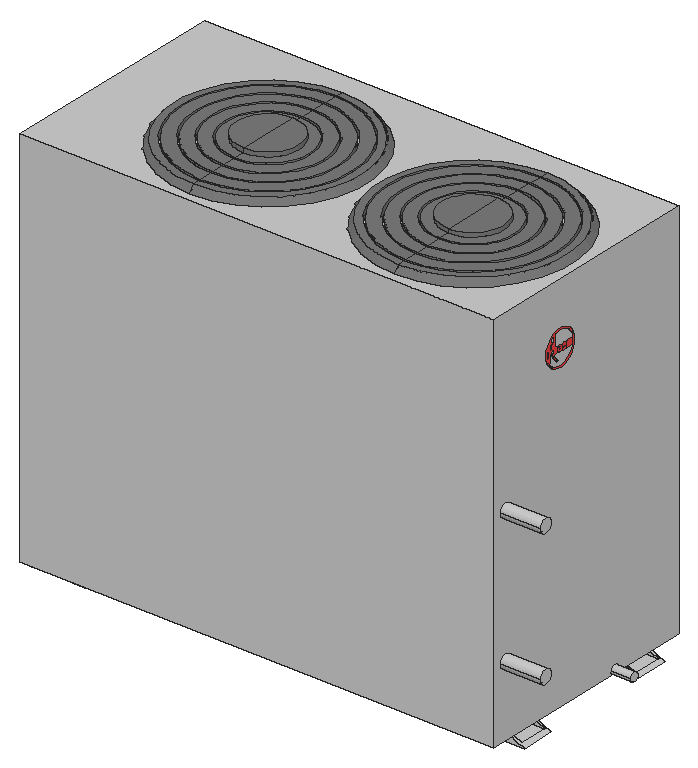
Revit family "Heat-Pump-Rheem-A2W-18kW-Vertical", category Mechanical Equipment, Revit 2023
Family settings
  Round Connector Dimension = Use Radius
  Part Type = Normal
  OmniClass Number = 23.75.10.21
  OmniClass Title = Heat Pumps
  Work Plane-Based = No
  Always vertical = Yes
  Cut with Voids When Loaded = No
  Maintain Annotation Orientation = No
  Shared = No
  Room Calculation Point = No
Parameters (values of type "95301800")
  calcRightFanOffset = if(Show Fan Frame, 256 mm, 255 mm)  # 255 mm
  calcLeftFanOffset = if(Show Fan Frame, 280 mm, 281 mm)  # 281 mm
  calcFanGuardDepth = if(Show Fan Frame, 117 mm, 27 mm)  # 27 mm
  Width_ANZRS = 565 mm  # constant formula
  Wattage_ANZRS = 18 kW  # constant formula
  Voltage_ANZRS = 230 V
  URL = "https://www.rheem.com.au/products/commercial/commercial-heat-pumps"
  Type Comments = ""
  SupportInsetSide = 68 mm  # constant formula
  Show Fan Frame = no
  ProductCode_ANZRS = "95301800"
  PowerFactor_ANZRS = 1
  PipeInsetSide = 35 mm  # constant formula
  OutletPipeDiameter = 32 mm  # constant formula
  calcOutletPipeRad = if(1 = 1, OutletPipeDiameter / 2, 0 mm)  # 16 mm
  Model = "Rheem Commercial Air to Water Heat Pump – 18kW Vertical Discharge & Non Ducted"
  Material_ANZRS = Rheem-Steel-Grey
  Manufacturer = "Rheem"  # constant formula
  Length_ANZRS = 1155 mm  # constant formula
  InletPipeDiameter = 32 mm  # constant formula
  calcInletPipeRadius = if(1 = 1, InletPipeDiameter / 2, 0 mm)  # 16 mm
  Height_ANZRS = if(Show Fan Frame, 1102 mm, 1011 mm)  # 1011 mm
  Description = "Rheem's Commercial Air to Water (A2W) Heat Pump is designed with the commercial user in mind. A truly commercial grade heat pump that delivers hot water at 65°C with a system Coefficient of Performance (COP) up to 4.0. Non ducted models are generally designed for outdoor installations. Non ducted models may be installed indoors, without ducting, if a sufficient supply of heat energy is available."
  Default Elevation = 0 mm
  CreatedBy_ANZRS = "Design Content"  # constant formula
  CreatedByURL_ANZRS = "https://www.designcontent.com.au/"
  Assembly Code = ""
  ApparentLoad_ANZRS = Wattage_ANZRS  # 18 kW
Types (2, lengths in mm): name | calcRightFanOffset | calcLeftFanOffset | calcFanGuardDepth | Show Fan Frame | ProductCode_ANZRS | Model | Height_ANZRS | Description
  95301800 | 255 | 281 | 27 | no | "95301800" | "Rheem Commercial Air to Water Heat Pump – 18kW Vertical Discharge & Non Ducted" | 1011 | "Rheem's Commercial Air to Water (A2W) Heat Pump is designed with the commercial user in mind. A truly commercial grade heat pump that delivers hot water at 65°C with a system Coefficient of Performance (COP) up to 4.0. Non ducted models are generally designed for outdoor installations. Non ducted models may be installed indoors, without ducting, if a sufficient supply of heat energy is available."
  95201800 | 256 | 280 | 117 | yes | "95201800" | "Rheem Commercial Air to Water Heat Pump – 18kW Vertical Discharge & Ducted" | 1102 | "Rheem's Commercial Air to Water (A2W) Heat Pump is designed with the commercial user in mind. A truly commercial grade heat pump that delivers hot water at 65°C with a system Coefficient of Performance (COP) up to 4.0. Ducted models are designed to be connected to ducting to convey cold discharge air away from the heat pump air inlet if a sufficient supply of heat energy is not available in the installation area."
Reference planes
  plane 1 "Center (Front/Back)": y = 0
  plane 2: z = 0
  plane 3 "Center (Left/Right)": x = 0
  plane 4 "Back": y = 282.5
  plane 5 "Front": y = -282.5
  plane 6 "Left": x = -577.5
  plane 7 "Right": x = 577.5
  plane 8: z = 49
  plane 9 "HEIGHT": z = 984
  plane 10 "Inlet": z = 223.5
  plane 11 "Outlet": z = 553.5
  plane 12: y = 280.5
  plane 13: x = 524.5
  plane 14: x = -472.5
  plane 15: x = 677.5
  plane 16 "Pipe Connectors": y = -247.5
  plane 17: x = -434.5
  plane 18: y = -214.5
  plane 19: y = 214.5
  plane 20 "CompAccess1": y = 143.5
  plane 21 "CompAccess2": y = -228.5
  plane 22: z = 24.5
  plane 23: x = 627.5
  plane 24: x = 598.5
  plane 25: z = 1078
Forms (mm)
  Extrusion 1, solid, material "Rheem-Steel-Grey" <- "Material_ANZRS", detail levels medium+fine
    sketch origin (0, 0, 0) x (1, 0, 0) y (0, 1, 0)
      loop
        line (-577.5, 280.5) -> (-577.5, -282.5) -> (577.5, -282.5) -> (577.5, 280.5) -> (-577.5, 280.5)
    from 49 to 984
  Extrusion 2, solid, material "Rheem-Steel-Grey" <- "Material_ANZRS", detail levels medium+fine
    sketch origin (0, 0, 0) x (1, 0, 0) y (0, 0, 1)
      loop
        line (-577.5, 984) -> (-577.5, 49) -> (-14.281, 49) -> (577.5, 49) -> (577.5, 984) -> (-577.5, 984)
      loop
        line (-472.5, 69) -> (6, 69) -> (6, 964) -> (-472.5, 964) -> (-472.5, 69)
      loop
        line (524.5, 964) -> (46, 964) -> (46, 69) -> (524.5, 69) -> (524.5, 964)
    from -282.5 to -280.5
  Extrusion 3, solid, material "Rheem-Steel-Grey" <- "Material_ANZRS"
    sketch origin (0, 111.908, 381.979) x (0, -1, 0) y (0, 0, 1)
      loop
        circle (359.408, -158.479) r 16
      loop
        circle (359.408, 171.521) r 16
    from -577.5 to -677.5
  Extrusion 4, solid, material "Rheem-Steel-Grey" <- "Material_ANZRS", visible <- "Show Fan Frame"
    sketch origin (0, -623.5, 984) x (-1, 0, 0) y (0, -1, 0)
      loop
        line (434.5, -862) -> (434.5, -341) -> (-577.5, -341) -> (-577.5, -862) -> (434.5, -862)
      loop
        line (429.5, -857) -> (429.5, -346) -> (-572.5, -346) -> (-572.5, -857) -> (429.5, -857)
    from 0 to 94
  Extrusion 5, solid, material "Rheem-Steel-Grey" <- "Material_ANZRS", detail levels medium+fine
    sketch origin (0, 0, 0) x (1, 0, 0) y (0, 0, 1)
      loop
        line (-577.5, 5) -> (-602.5, 5) -> (-602.5, 0) -> (-572.5, 0) -> (-572.5, 19.5) -> (-502.5, 19.5) -> (-502.5, 0) -> (-472.5, 0) -> (-472.5, 5) -> (-497.5, 5) -> (-497.5, 24.5) -> (-577.5, 24.5) -> (-577.5, 5)
    from -214.5 to 214.5
  Extrusion 6, solid, material "Rheem-Steel-Grey-Perforated", detail levels medium+fine
    sketch origin (-575, 357.5, 0) x (1, 0, 0) y (0, 0, -1)
      loop
        line (1099.5, -964) -> (1099.5, -69) -> (621, -69) -> (621, -964) -> (1099.5, -964)
      loop
        line (102.5, -69) -> (102.5, -964) -> (581, -964) -> (581, -69) -> (102.5, -69)
    from -77 to -75
  Extrusion 7, solid, material "Rheem-Steel-Grey" <- "Material_ANZRS"
    sketch origin (577.5, 0, 0) x (0, -1, 0) y (0, 0, -1)
      loop
        circle (-84.5, -59) r 10
    from 0 to 50
  Extrusion 8, solid, detail levels medium+fine
    sketch origin (-577.5, 0, 0) x (0, -1, 0) y (0, 0, 1)
      loop
        circle (255.5, 703.5) r 15
      loop
        circle (255.5, 653.5) r 15
      loop
        circle (255.5, 603.5) r 15
      loop
        circle (255.5, 553.5) r 15
    from 0 to 5
  Extrusion 9, solid, material "Rheem-Steel-Grey" <- "Material_ANZRS", detail levels coarse
    sketch origin (0, 0, 984) x (-1, 0, 0) y (0, -1, 0)
      loop
        line (577.5, -282.5) -> (577.5, 282.5) -> (-577.5, 282.5) -> (-577.5, -282.5) -> (577.5, -282.5)
    from -984 to 0
  Extrusion 10, solid, material "Rheem-Steel-Grey" <- "Material_ANZRS", detail levels medium+fine
    sketch origin (0, 0, 0) x (0, 1, 0) y (0, 0, 1)
      loop
        line (239.5, 49) -> (209.5, 49) -> (209.5, 29.5) -> (139.481, 29.5) -> (139.481, 49) -> (109.395, 49) -> (109.395, 44) -> (134.395, 44) -> (134.395, 24.5) -> (214.5, 24.5) -> (214.5, 44) -> (239.5, 44) -> (239.5, 49)
      loop
        line (-109.395, 49) -> (-139.395, 49) -> (-139.395, 29.5) -> (-209.414, 29.5) -> (-209.414, 49) -> (-239.5, 49) -> (-239.5, 44) -> (-214.5, 44) -> (-214.5, 24.5) -> (-134.395, 24.5) -> (-134.395, 44) -> (-109.395, 44) -> (-109.395, 49)
    from -577.5 to 598.5
  Extrusion 11, void
    sketch origin (0, 0, 0) x (1, 0, 0) y (0, 0, 1)
      loop
        line (-577.5, 24.5) -> (-524.96, 49) -> (-577.5, 49) -> (-577.5, 24.5)
      loop
        line (598.5, 24.5) -> (598.5, 49) -> (545.96, 49) -> (598.5, 24.5)
    from -239.5 to 239.5
Cuts and joins
  Extrusion 11 cuts Extrusion 1
  Extrusion 11 cuts Extrusion 2
  joined: Extrusion 1, Extrusion 2
  Extrusion 11 cuts Extrusion 10
Lines and regions (mm)
  Split face 1
    outline origin (-577.5, 280.5, 984) x (0, 1, 0) y (0, 0, -1)
      loop
        line (-137, 1) -> (-137, 934) -> (-509, 934) -> (-509, 1) -> (-137, 1)
  Split face 2
    outline origin (577.5, 280.5, 49) x (0, 1, 0) y (0, 0, 1)
      loop
        line (-497, 934) -> (-497, 1) -> (-225, 1) -> (-225, 934) -> (-497, 934)
  model lines, style "Heat Pumps", detail levels medium+fine
    curve 1: line (-340, -282.5, 849) -> (340, -282.5, 849)
    curve 2: line (-340, -282.5, 599) -> (340, -282.5, 599)
    curve 3: line (-340, -282.5, 184) -> (340, -282.5, 184)
    curve 4: line (-340, -282.5, 434) -> (340, -282.5, 434)
    curve 5: line (-420, -282.5, 769) -> (-420, -282.5, 679)
    curve 6: line (420, -282.5, 769) -> (420, -282.5, 679)
    curve 7: line (-420, -282.5, 354) -> (-420, -282.5, 264)
    curve 8: line (420, -282.5, 354) -> (420, -282.5, 264)
    curve 9: arc (-420, -282.5, 769) -> (-396.569, -282.5, 825.569) -> (-340, -282.5, 849) r 80
    curve 10: arc (-420, -282.5, 679) -> (-396.569, -282.5, 622.431) -> (-340, -282.5, 599) r 80
    curve 11: arc (340, -282.5, 599) -> (396.569, -282.5, 622.431) -> (420, -282.5, 679) r 80
    curve 12: arc (420, -282.5, 769) -> (396.569, -282.5, 825.569) -> (340, -282.5, 849) r 80
    curve 13: arc (340, -282.5, 434) -> (396.569, -282.5, 410.569) -> (420, -282.5, 354) r 80
    curve 14: arc (420, -282.5, 264) -> (396.569, -282.5, 207.431) -> (340, -282.5, 184) r 80
    curve 15: arc (-340, -282.5, 184) -> (-396.569, -282.5, 207.431) -> (-420, -282.5, 264) r 80
    curve 16: arc (-420, -282.5, 354) -> (-396.569, -282.5, 410.569) -> (-340, -282.5, 434) r 80
Dimensions and locks
  equal spacing: plane 6 "Left", plane 3 "Center (Left/Right)", plane 7 "Right"
  equal spacing: plane 4 "Back", plane 1 "Center (Front/Back)", plane 5 "Front"
  "Width_ANZRS": plane 4 "Back" to plane 5 "Front"
  "Length_ANZRS": plane 6 "Left" to plane 7 "Right"
  locked: plane 10 "Inlet" to plane 22 at 199
  locked: plane 11 "Outlet" to plane 10 "Inlet" at 330
  locked: plane 4 "Back" to plane 12 at 2
  locked: plane 8 to Extrusion 2 sketch curve at 20
  locked: Extrusion 2 sketch curve to plane 9 "HEIGHT" at 20
  locked: plane 15 to plane 7 "Right" at 100
  plane 17 to plane 7 "Right" = 1012 mm
  locked: plane 7 "Right" to Extrusion 4 sketch curve at 5
  locked: Extrusion 4 sketch curve to plane 17 at 5
  "PipeInsetSide": plane 5 "Front" to plane 16 "Pipe Connectors"
  Extrusion 5 sketch curve to plane 6 "Left" to Extrusion 5 sketch curve to Extrusion 5 sketch curve to Extrusion 5 sketch curve to Extrusion 5 sketch curve = 25 mm locked, 5 mm locked, 70 mm locked, 5 mm locked, 25 mm locked
  Extrusion 5 sketch curve to Extrusion 5 sketch curve to plane 2 = 0 mm locked, 5 mm locked
  "SupportInsetSide": plane 5 "Front" to plane 18
  "SupportInsetSide": plane 19 to plane 4 "Back"
  locked: plane 9 "HEIGHT" to Split face 1 sketch curve at 1
  locked: Split face 1 sketch curve to plane 8 at 1
  equal spacing: plane 20 "CompAccess1", nested 1, plane 21 "CompAccess2"
  plane 20 "CompAccess1" to plane 21 "CompAccess2" to plane 5 "Front" = 372 mm locked, 54 mm locked
  locked: plane 13 to plane 7 "Right" at 53
  locked: plane 6 "Left" to plane 14 at 105
  locked: plane 9 "HEIGHT" to plane 8 at 935
  equal spacing: plane 8, plane 22, plane 2
  locked: plane 22 to Extrusion 5 sketch curve at 5
  locked: plane 5 "Front" to Split face 2 sketch curve at 66
  locked: Split face 2 sketch curve to plane 4 "Back" at 227
  locked: plane 9 "HEIGHT" to Split face 2 sketch curve at 1
  locked: Split face 2 sketch curve to plane 8 at 1
  locked: Extrusion 7 sketch curve to plane 8 at 10
  equal spacing: plane 15, plane 23, plane 7 "Right"
  equal spacing: plane 21 "CompAccess2", Extrusion 8 sketch curve, plane 5 "Front"
  locked: plane 9 "HEIGHT" to nested 1 at 150
  locked: plane 8 to Extrusion 10 sketch curve at 5  (x2)
  locked: Extrusion 10 sketch curve to plane 22 at 5  (x2)
  Extrusion 10 sketch curve to plane 19 to Extrusion 10 sketch curve to Extrusion 10 sketch curve to Extrusion 10 sketch curve to Extrusion 10 sketch curve = 25 mm locked, 5 mm locked, 70.019 mm locked, 5.086 mm locked, 25 mm locked
  Extrusion 10 sketch curve to Extrusion 10 sketch curve to Extrusion 10 sketch curve to Extrusion 10 sketch curve to Extrusion 10 sketch curve to Extrusion 10 sketch curve = 25 mm locked, 5 mm locked, 70.019 mm locked, 5.086 mm locked, 25 mm locked
  locked: plane 6 "Left" to plane 24 at 1176
  plane 9 "HEIGHT" to nested 2 = 150 mm
  equal spacing: Split face 2, nested 2, Split face 2, locked at 136 each
  locked: Extrusion 4 sketch curve to Extrusion 4 sketch curve at 5  (x2)
  nested 3 to nested 4 to plane 7 "Right" = 500 mm locked, 258 mm locked
  equal spacing: Extrusion 4, nested 3, Extrusion 4
  locked: plane 25 to plane 9 "HEIGHT" at 94
  locked: Extrusion 7 sketch curve to plane 4 "Back" at 198
  "calcOutletPipeRad": radius of Extrusion 3 sketch curve
  "calcInletPipeRadius": radius of Extrusion 3 sketch curve
  aligned and locked: level to plane 2
  aligned and locked: Extrusion 1 sketch curve to plane 6 "Left"
  aligned and locked: Extrusion 1 sketch curve to plane 7 "Right"
  aligned and locked: plane 9 "HEIGHT" to Extrusion 1
  aligned and locked: Extrusion 1 to plane 8
  aligned and locked: plane 5 "Front" to Extrusion 1
  aligned and locked: Extrusion 1 sketch curve to plane 12
  aligned and locked: cut or joined group of Extrusion 1, Extrusion 2, Extrusion 11 to plane 12
  aligned and locked: plane 4 "Back" to cut or joined group of Extrusion 1, Extrusion 2, Extrusion 11
  aligned and locked: Extrusion 2 sketch curve to plane 13
  aligned and locked: plane 14 to Extrusion 2 sketch curve
  aligned and locked: Extrusion 4 sketch curve to plane 17
  aligned and locked: plane 7 "Right" to Extrusion 4 sketch curve
  aligned and locked: Extrusion 3 to plane 7 "Right"
  aligned and locked: Extrusion 5 sketch curve to plane 6 "Left"
  aligned and locked: plane 2 to Extrusion 5 sketch curve  (x2)
  aligned and locked: Extrusion 5 to plane 18
  aligned and locked: plane 19 to Extrusion 5
  aligned and locked: Split face 1 sketch curve to plane 21 "CompAccess2"
  aligned and locked: Split face 1 sketch curve to plane 20 "CompAccess1"
  aligned and locked: plane 11 "Outlet" to Extrusion 3 sketch curve
  aligned and locked: plane 16 "Pipe Connectors" to Extrusion 3 sketch curve  (x2)
  aligned and locked: plane 10 "Inlet" to Extrusion 3 sketch curve
  aligned and locked: Extrusion 6 to plane 13
  aligned and locked: plane 14 to Extrusion 6
  aligned and locked: Extrusion 6 to plane 12
  aligned and locked: plane 4 "Back" to Extrusion 6
  aligned and locked: cut or joined group of Extrusion 1, Extrusion 2, Extrusion 11 to Extrusion 6
  aligned and locked: Extrusion 6 to cut or joined group of Extrusion 1, Extrusion 2, Extrusion 11
  aligned and locked: Extrusion 2 sketch curve to Extrusion 6  (x2)
  aligned and locked: Extrusion 5 sketch curve to plane 22
  aligned and locked: Extrusion 7 to cut or joined group of Extrusion 1, Extrusion 2, Extrusion 11
  aligned and locked: plane 23 to Extrusion 7
  aligned and locked: Extrusion 8 to cut or joined group of Extrusion 1, Extrusion 2, Extrusion 11
  aligned and locked: Extrusion 9 sketch curve to plane 4 "Back"
  aligned and locked: Extrusion 9 sketch curve to plane 5 "Front"
  aligned and locked: Extrusion 9 sketch curve to plane 7 "Right"
  aligned and locked: Extrusion 9 sketch curve to plane 6 "Left"
  aligned and locked: Extrusion 9 to plane 2
  aligned and locked: Extrusion 10 sketch curve to plane 22  (x2)
  aligned and locked: plane 6 "Left" to Extrusion 10
  aligned and locked: plane 24 to Extrusion 10
  aligned and locked: plane 6 "Left" to Extrusion 11 sketch curve
  aligned and locked: plane 8 to Extrusion 11 sketch curve
  aligned and locked: Extrusion 11 to cut or joined group of Extrusion 10, Extrusion 11  (x2)
  aligned and locked: Extrusion 4 sketch curve to plane 5 "Front"
  aligned and locked: plane 9 "HEIGHT" to Extrusion 9
  aligned and locked: plane 25 to Extrusion 4
Automatic sketch dimensions
  plane 5 "Front" to Extrusion 1 sketch curve = 0 mm
  plane 6 "Left" to Extrusion 2 sketch curve = 0 mm
  Extrusion 2 sketch curve to plane 8 = 0 mm
  Extrusion 2 sketch curve to plane 7 "Right" = 0 mm
  Extrusion 2 sketch curve to plane 9 "HEIGHT" = 0 mm
  Extrusion 2 sketch curve to plane 3 "Center (Left/Right)" = 14.281 mm
  plane 8 to Extrusion 2 sketch curve = 20 mm
  Extrusion 2 sketch curve to plane 9 "HEIGHT" = 20 mm
  plane 19 to Extrusion 4 sketch curve = 19 mm
  plane 14 to Extrusion 6 sketch curve = 0 mm
  plane 13 to Extrusion 6 sketch curve = 0 mm
  plane 3 "Center (Left/Right)" to Extrusion 6 sketch curve = 6 mm
  Extrusion 6 sketch curve to plane 9 "HEIGHT" = 20 mm  (x2)
  Extrusion 6 sketch curve to Extrusion 6 sketch curve = 40 mm
  plane 8 to Extrusion 6 sketch curve = 20 mm  (x2)
  Extrusion 8 sketch curve to plane 11 "Outlet" = 0 mm
  Extrusion 8 sketch curve to plane 5 "Front" = 27 mm  (x3)
  Extrusion 8 sketch curve to Extrusion 8 sketch curve = 50 mm  (x3)
  Extrusion 10 sketch curve to plane 8 = 0 mm  (x4)
  Extrusion 10 sketch curve to plane 18 = 0 mm
  Extrusion 10 sketch curve to plane 19 = 0 mm
  Extrusion 10 sketch curve to plane 8 = 5 mm  (x2)
  Extrusion 11 sketch curve to plane 8 = 0 mm
  Extrusion 11 sketch curve to plane 22 = 0 mm  (x2)
  Extrusion 11 sketch curve to plane 24 = 0 mm
  plane 14 to Extrusion 11 sketch curve = 52.46 mm
  Extrusion 11 sketch curve to plane 13 = 21.46 mm
  curve 8 to Extrusion 1 = 157.5 mm
  curve 6 to Extrusion 1 = 157.5 mm
  curve 8 to curve 14 = 80 mm
  curve 8 to curve 13 = 80 mm
  curve 6 to curve 1 = 80 mm
  curve 11 to curve 2 = 80 mm
  Extrusion 1 to curve 9 = 237.5 mm
  curve 9 to curve 2 = 0 mm
  Extrusion 1 to curve 3 = 135 mm
  Extrusion 1 to curve 3 = 237.5 mm
  curve 16 to curve 15 = 0 mm
  curve 15 to curve 7 = 80 mm
  curve 10 to curve 5 = 80 mm
  curve 13 to curve 14 = 90 mm
  curve 2 to curve 4 = 165 mm
  curve 9 to curve 10 = 90 mm
  radius of Extrusion 7 sketch curve = 10 mm
  radius of Extrusion 8 sketch curve = 15 mm  (x4)
Nested families
  nested 1: "X_Rheem Logo" at (-577.5, -42.5, 834) x (0, -1, 0) z (-1, 0, 0), type "Standard", detail levels fine
  nested 2: "X_Rheem Logo" at (577.5, -80.5, 834) x (0, 1, 0) z (1, 0, 0), type "Standard", detail levels fine
  nested 3: "X_Rheem_FanGuard" at (-180.5, -22, 984), type "Standard"
    with FanGuardDepth 27 mm
  nested 4: "X_Rheem_FanGuard" at (319.5, -22, 984), type "Standard"
    with FanGuardDepth 27 mm
Connectors
  piping at (677.5, -247.5, 223.5), diameter 32, driven by "calcInletPipeRadius"
    settings: on Extrusion 3, index 9, connector inside diameter 20 mm, connector length 0 mm, flow factor 0, pipe flow 0.0 L/s, pressure drop 0.0 Pa, fitting loss kfactor 0, connector angle 0.00°, fixture units 0, engagement length 0 mm, angle of deflection 0.00°, flow configuration 1, flow direction 1, fitting loss method 0, system type 20, joint type 0, gender type 0, connector reference index -1, connector utility 0, adjustable connector no, is connector primary yes, connector description "Water In"
  piping at (677.5, -247.5, 553.5), diameter 32, driven by "calcOutletPipeRad"
    settings: on Extrusion 3, index 10, connector inside diameter 20 mm, connector length 0 mm, flow factor 0, pipe flow 0.0 L/s, pressure drop 0.0 Pa, fitting loss kfactor 0, connector angle 0.00°, fixture units 0, engagement length 0 mm, angle of deflection 0.00°, flow configuration 1, flow direction 2, fitting loss method 0, system type 19, joint type 0, gender type 0, connector reference index -1, connector utility 0, adjustable connector no, is connector primary no, connector description "Water Out"
  piping at (627.5, 84.5, 59), diameter 20
    settings: on Extrusion 7, index 11, connector inside diameter 609.6 mm, connector length 0 mm, flow factor 0, pipe flow 0.0 L/s, pressure drop 0.0 Pa, fitting loss kfactor 0, connector angle 0.00°, fixture units 0, engagement length 0 mm, angle of deflection 0.00°, flow configuration 1, flow direction 2, fitting loss method 0, system type 16, joint type 0, gender type 0, connector reference index -1, connector utility 0, adjustable connector no, is connector primary no, connector description ""
  electrical at (-577.5, -255.5, 703.5), driven by "Voltage_ANZRS", driven by "ApparentLoad_ANZRS", driven by "PowerFactor_ANZRS"
    settings: on Extrusion 8, index 12, voltage 230 V, apparent load 18 kW, apparent load phase1 0 kW, apparent load phase2 0 kW, apparent load phase3 0 kW, power factor 1, load classification "Power", number of poles 1, system type 30, power factor state 1, is connector primary yes, connector utility no, sub classification motor no, connector description ""
  electrical at (-577.5, -255.5, 653.5), driven by "Voltage_ANZRS", driven by "ApparentLoad_ANZRS", driven by "PowerFactor_ANZRS"
    settings: on Extrusion 8, index 13, voltage 230 V, apparent load 18 kW, apparent load phase1 0 kW, apparent load phase2 0 kW, apparent load phase3 0 kW, power factor 1, load classification "Power", number of poles 1, system type 30, power factor state 1, is connector primary no, connector utility no, sub classification motor no, connector description ""
  electrical at (-577.5, -255.5, 603.5), driven by "Voltage_ANZRS", driven by "ApparentLoad_ANZRS", driven by "PowerFactor_ANZRS"
    settings: on Extrusion 8, index 14, voltage 230 V, apparent load 18 kW, apparent load phase1 0 kW, apparent load phase2 0 kW, apparent load phase3 0 kW, power factor 1, load classification "Power", number of poles 1, system type 30, power factor state 1, is connector primary no, connector utility no, sub classification motor no, connector description ""
  electrical at (-577.5, -255.5, 553.5), driven by "Voltage_ANZRS", driven by "ApparentLoad_ANZRS", driven by "PowerFactor_ANZRS"
    settings: on Extrusion 8, index 15, voltage 230 V, apparent load 18 kW, apparent load phase1 0 kW, apparent load phase2 0 kW, apparent load phase3 0 kW, power factor 1, load classification "Power", number of poles 1, system type 30, power factor state 1, is connector primary no, connector utility no, sub classification motor no, connector description ""
Definition of nested family "X_Rheem Logo"
  Parameters (values of type "Standard")
    Default Elevation = 1219.2 mm
    Assembly Code = ""
  Reference planes
    plane 1 "Center (Front/Back)": y = 0
    plane 2: z = 0
    plane 3 "Center (Left/Right)": x = 0
  Forms (mm)
    Extrusion 1, solid
      sketch origin (0, 0, 0) x (1, 0, 0) y (0, 1, 0)
        loop
          line (-1219.2, 1219.2) -> (-1219.2, -1219.2) -> (1219.2, -1219.2) -> (1219.2, 1219.2) -> (-1219.2, 1219.2)
      from 0 to -304.8
    Extrusion 2, solid
      sketch origin (0, 0, 0) x (1, 0, 0) y (0, 1, 0)
        loop
          arc (-33.529, -21.813) -> (38.36, -11.338) -> (-16.283, 36.536) r 40
          line (-16.283, 36.536) -> (-16.283, 5.397)
          arc (-16.283, 5.397) -> (-14.75, 6.901) -> (-12.662, 7.405) r 4.033
          arc (-12.662, 7.405) -> (-9.852, 6.403) -> (-8.561, 3.712) r 3.918
          line (-8.561, 3.712) -> (-8.561, -8.033) -> (-11.525, -8.033) -> (-11.525, 1.806)
          arc (-11.525, 1.806) -> (-12.858, 4.057) -> (-15.428, 3.572) r 2.279
          arc (-15.428, 3.572) -> (-15.988, 2.759) -> (-16.246, 1.806) r 2.925
          line (-16.246, 1.806) -> (-16.246, -8.079) -> (-19.645, -8.079) -> (-19.645, 34.843)
          arc (-19.645, 34.843) -> (-26.644, 29.834) -> (-32.41, 23.444) r 40
          arc (-32.41, 23.444) -> (-21.103, 13.87) -> (-28.782, 1.2) r 11.411
          line (-28.782, 1.2) -> (-7.321, -24.919) -> (-11.462, -24.919) -> (-31.83, -0.131) -> (-31.83, -21.813) -> (-33.529, -21.813)
        loop
          line (-35.017, -19.335) -> (-35.017, 19.335)
          arc (-35.017, 19.335) -> (-40, 0) -> (-35.017, -19.335) r 40
        loop
          line (19.37, -8.097) -> (22.563, -8.097) -> (22.563, 2.258)
          spline (22.563, 2.258) -> (22.878, 3.103) -> (23.24, 3.526) -> (23.639, 3.818) -> (24.082, 3.997) -> (24.556, 4.074) -> (25.034, 4.068) -> (25.491, 3.983) -> (25.903, 3.817) -> (26.238, 3.56) -> (26.492, 3.191) -> (26.717, 2.639) -> (26.9, 1.6)
          line (26.9, 1.6) -> (26.9, -8.097) -> (29.854, -8.097) -> (29.854, 2.258)
          spline (29.854, 2.258) -> (30.181, 3.064) -> (30.553, 3.474) -> (30.969, 3.74) -> (31.419, 3.936) -> (31.889, 4.059) -> (32.364, 4.078) -> (32.821, 3.995) -> (33.233, 3.826) -> (33.568, 3.567) -> (33.822, 3.195) -> (34.048, 2.639) -> (34.231, 1.594)
          line (34.231, 1.594) -> (34.231, -8.097) -> (37.174, -8.097) -> (37.174, 3.718)
          spline (37.174, 3.718) -> (36.65, 5.383) -> (35.957, 6.159) -> (35.415, 6.563) -> (34.941, 6.826) -> (34.394, 7.032) -> (33.695, 7.17) -> (32.91, 7.2) -> (32.152, 7.119) -> (31.53, 6.952) -> (31.006, 6.67) -> (30.429, 6.179) -> (29.566, 5.166)
          spline (29.566, 5.166) -> (28.777, 6.078) -> (28.276, 6.494) -> (27.782, 6.788) -> (27.231, 7.014) -> (26.621, 7.177) -> (26.085, 7.261) -> (25.622, 7.26) -> (25.015, 7.185) -> (24.376, 7.012) -> (23.849, 6.722) -> (23.308, 6.304) -> (22.552, 5.275)
          line (22.552, 5.275) -> (22.552, 6.926) -> (19.37, 6.926) -> (19.37, -8.097)
        loop
          line (-4.051, 1.414) -> (2.029, 1.414)
          spline (2.029, 1.414) -> (1.473, 2.786) -> (1.087, 3.377) -> (0.673, 3.834) -> (0.205, 4.224) -> (-0.271, 4.485) -> (-0.868, 4.588) -> (-1.527, 4.548) -> (-2.06, 4.356) -> (-2.438, 4.033) -> (-2.865, 3.608) -> (-3.384, 2.906) -> (-4.051, 1.414)
        loop
          line (-4.095, -1.507) -> (5.029, -1.507)
          spline (5.029, -1.507) -> (4.769, 1.886) -> (4.1, 3.692) -> (3.083, 5.302) -> (1.664, 6.502) -> (-0.127, 7.316) -> (-1.72, 7.317) -> (-3.497, 6.614) -> (-4.898, 5.44) -> (-6.016, 3.817) -> (-6.693, 1.944) -> (-6.954, 0.058) -> (-6.657, -3.194)
          spline (-6.657, -3.194) -> (-5.711, -5.424) -> (-4.777, -6.63) -> (-3.808, -7.465) -> (-2.878, -7.994) -> (-1.873, -8.306) -> (-0.773, -8.411) -> (0.288, -8.278) -> (1.264, -7.907) -> (2.23, -7.346) -> (3.148, -6.594) -> (4.02, -5.578) -> (4.876, -3.596)
          line (4.876, -3.596) -> (1.705, -3.596)
          spline (1.705, -3.596) -> (0.883, -4.78) -> (0.307, -5.189) -> (-0.248, -5.429) -> (-0.802, -5.54) -> (-1.305, -5.525) -> (-1.909, -5.294) -> (-2.514, -4.923) -> (-2.921, -4.547) -> (-3.253, -4.098) -> (-3.591, -3.486) -> (-3.885, -2.641) -> (-4.095, -1.507)
        loop
          line (8.984, 1.152) -> (15.064, 1.152)
          spline (15.064, 1.152) -> (14.509, 2.524) -> (14.123, 3.116) -> (13.708, 3.573) -> (13.241, 3.962) -> (12.764, 4.224) -> (12.168, 4.327) -> (11.508, 4.287) -> (10.975, 4.095) -> (10.598, 3.771) -> (10.171, 3.347) -> (9.652, 2.645) -> (8.984, 1.152)
        loop
          line (8.973, -1.54) -> (18.097, -1.54)
          spline (18.097, -1.54) -> (17.837, 1.853) -> (17.168, 3.659) -> (16.151, 5.269) -> (14.732, 6.469) -> (12.941, 7.283) -> (11.348, 7.285) -> (9.571, 6.581) -> (8.17, 5.407) -> (7.052, 3.785) -> (6.375, 1.911) -> (6.114, 0.026) -> (6.412, -3.226)
          spline (6.412, -3.226) -> (7.357, -5.456) -> (8.291, -6.663) -> (9.26, -7.498) -> (10.191, -8.027) -> (11.195, -8.339) -> (12.295, -8.444) -> (13.356, -8.311) -> (14.332, -7.939) -> (15.298, -7.379) -> (16.217, -6.626) -> (17.088, -5.61) -> (17.944, -3.629)
          line (17.944, -3.629) -> (14.773, -3.629)
          spline (14.773, -3.629) -> (13.951, -4.813) -> (13.375, -5.222) -> (12.82, -5.462) -> (12.266, -5.573) -> (11.763, -5.557) -> (11.159, -5.326) -> (10.555, -4.955) -> (10.147, -4.58) -> (9.816, -4.131) -> (9.477, -3.519) -> (9.183, -2.673) -> (8.973, -1.54)
        loop
          circle (0, 0) r 43
        loop
          arc (-31.817, 3.841) -> (-24.154, 12.033) -> (-31.817, 20.226) r 8.211
          line (-31.817, 20.226) -> (-31.817, 3.841)
      from 0 to 1
  Dimensions and locks
    aligned and locked: plane 2 to Extrusion 1
    aligned and locked: level to Extrusion 1
Definition of nested family "X_Rheem_FanGuard"
  Parameters (values of type "Standard")
    Material = none
    FanGuardRad = 240 mm
    FanGuardHead = 10 mm
    FanGuardDepth = 133 mm
    Default Elevation = 1219.2 mm
  Reference planes
    plane 1 "Center (Front/Back)": y = 0
    plane 2: z = 0
    plane 3 "Center (Left/Right)": x = 0
    plane 4: z = 133
    plane 5: z = 123
    plane 6: y = 240
    plane 7: z = 66.5
    plane 8: z = 94.75
  Forms (mm)
    Extrusion 1, solid
      sketch origin (0, 0, 0) x (1, 0, 0) y (0, 1, 0)
        loop
          line (-1219.2, 1219.2) -> (-1219.2, -1219.2) -> (1219.2, -1219.2) -> (1219.2, 1219.2) -> (-1219.2, 1219.2)
      from 0 to -304.8
    Revolve 2, solid, material <- "Material", detail levels fine
      sketch origin (0, 0, 0) x (0, 1, 0) y (0, 0, 1)
        loop
          line (0, 133) -> (0, 0) -> (240, 0) -> (227.216, 94.75) -> (75, 123) -> (75, 133) -> (0, 133)
        axis (0, 133) -> (0, 0)
      angle from 0 to 360
    Extrusion 3, void
      sketch origin (0, 0, 0) x (1, 0, 0) y (0, 1, 0)
        loop
          circle (0, 0) r 100
        loop
          circle (0, 0) r 105
        loop
          circle (0, 0) r 135
        loop
          circle (0, 0) r 140
        loop
          circle (0, 0) r 170
        loop
          circle (0, 0) r 175
        loop
          circle (0, 0) r 205
        loop
          circle (0, 0) r 210
        loop
          circle (0, 0) r 240
        loop
          circle (0, 0) r 245
        loop
          circle (0, 0) r 275
        loop
          circle (0, 0) r 280
      from 0 to 133
    Extrusion 4, solid, material <- "Material", detail levels coarse+medium
      sketch origin (0, 0, 0) x (1, 0, 0) y (0, 1, 0)
        loop
          circle (0, 0) r 240
      from 0 to 133
  Cuts and joins
    Extrusion 3 cuts Revolve 2
  Dimensions and locks
    "FanGuardRad": plane 6 to plane 1 "Center (Front/Back)"
    "FanGuardDepth": plane 4 to plane 2
    "FanGuardHead": plane 4 to plane 5
    equal spacing: plane 4, plane 7, plane 2
    equal spacing: plane 5, plane 8, plane 7
    locked: plane 6 to Revolve 2 sketch curve at 12.784
    "FanGuardRad": radius of Extrusion 4 sketch curve
    aligned and locked: plane 2 to Extrusion 1
    aligned and locked: level to Extrusion 1
    aligned and locked: Revolve 2 sketch curve to plane 1 "Center (Front/Back)"
    aligned and locked: plane 4 to Extrusion 3
    aligned and locked: Extrusion 3 to level
    aligned and locked: plane 3 "Center (Left/Right)" to Extrusion 4 sketch curve
    aligned and locked: plane 1 "Center (Front/Back)" to Extrusion 4 sketch curve
    aligned and locked: Extrusion 4 to plane 4
    aligned and locked: Extrusion 4 to level
    aligned and locked: plane 8 to Revolve 2 sketch curve
  Automatic sketch dimensions
    Extrusion 1 sketch curve to Extrusion 1 sketch curve = 2438.4 mm  (x2)
    plane 1 "Center (Front/Back)" to Extrusion 3 sketch curve = 0 mm
    Extrusion 3 sketch curve to plane 3 "Center (Left/Right)" = 0 mm
    Revolve 2 sketch curve to plane 1 "Center (Front/Back)" = 0 mm
    Revolve 2 sketch curve to plane 4 = 0 mm
    Revolve 2 sketch curve to plane 5 = 0 mm
    Revolve 2 sketch curve to level = 0 mm
    Revolve 2 sketch curve to plane 6 = 0 mm
    Revolve 2 sketch curve to Revolve 2 sketch curve = 75 mm
    Revolve 2 sketch curve to Revolve 2 sketch curve = 500 mm
    Revolve 2 sketch curve to Revolve 2 sketch curve = 100 mm
    radius of Extrusion 3 sketch curve = 100 mm
